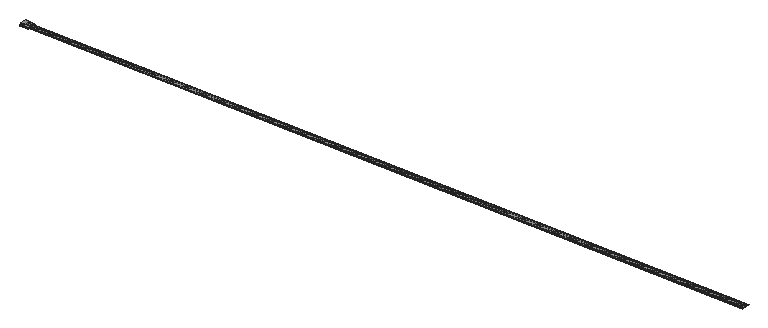
Revit family "Bandschelle - MBS 120", category Generic Models, Revit 2017
Family settings
  Can host rebar = No
  Round Connector Dimension = Use Diameter
  Part Type = Normal
  Work Plane-Based = No
  Always vertical = Yes
  Cut with Voids When Loaded = No
  Shared = No
  Room Calculation Point = No
Parameters (values of type "MBS 120")
  Width = 12 mm
  URL = "http://www.obo-bettermann.com"
  Material = Edelstahl, rostfrei 1.4301
  Manufacturer Art.No. = "7203112"
  Manufacturer = "OBO BETTERMANN"
  Length 1 = 1200 mm
  Length = 1200 mm
  GTIN = "4012195693406"
  Cut's space = 5 mm
  Cut's number 2 = Length 1 / Cut's space  # 240
  Cut's number = 2
  Article Type = "MBS 120"
Reference planes
  plane 1 "Center (Front/Back)": y = 0
  plane 2: z = 0
  plane 3 "Center (Left/Right)": x = 0
  plane 4: x = 1200
  plane 5: z = 0.28
  plane 6: z = 3
  plane 7: y = 2
  plane 8: y = 10
  plane 9: x = 13.5
  plane 10: y = 6.128
  plane 11: y = 6
  plane 12: y = 10
  plane 13: y = 1.779
  plane 14: y = 6
  plane 15: y = 10
  plane 16: y = 1.779
  plane 17: y = 6
  plane 18: y = 10
  plane 19: y = 1.779
  plane 20: y = 6
  plane 21: y = 10
  plane 22: y = 1.779
  plane 23: y = 6
  plane 24: y = 10
  plane 25: y = 1.779
  plane 26: y = 6
  plane 27: y = 10
  plane 28: y = 1.779
  plane 29: y = 6
  plane 30: y = 10
  plane 31: y = 1.779
  plane 32: y = 6
  plane 33: y = 10
  plane 34: y = 1.779
  plane 35: y = 6
  plane 36: y = 10
  plane 37: y = 1.779
  plane 38: y = 6
  plane 39: y = 10
  plane 40: y = 1.779
  plane 41: y = 6
  plane 42: y = 10
  plane 43: y = 1.779
  plane 44: y = 6
  plane 45: y = 10
  plane 46: y = 1.779
  plane 47: y = 6
  plane 48: y = 10
  plane 49: y = 1.779
  plane 50: y = 6
  plane 51: y = 10
  plane 52: y = 1.779
  plane 53: y = 6
  plane 54: y = 10
  plane 55: y = 1.779
  plane 56: y = 6
  plane 57: y = 10
  plane 58: y = 1.779
  plane 59: y = 6
  plane 60: y = 10
  plane 61: y = 1.779
  plane 62: y = 6
  plane 63: y = 10
  plane 64: y = 1.779
  plane 65: y = 6
  plane 66: y = 10
  plane 67: y = 1.779
  plane 68: y = 6
  plane 69: y = 10
  plane 70: y = 1.779
  plane 71: y = 6
  plane 72: y = 10
  plane 73: y = 1.779
  plane 74: y = 6
  plane 75: y = 10
  plane 76: y = 1.779
  plane 77: y = 6
  plane 78: y = 10
  plane 79: y = 1.779
  plane 80: y = 6
  plane 81: y = 10
  plane 82: y = 1.779
  plane 83: y = 6
  plane 84: y = 10
  plane 85: y = 1.779
  plane 86: y = 6
  plane 87: y = 10
  plane 88: y = 1.779
  plane 89: y = 6
  plane 90: y = 10
  plane 91: y = 1.779
  plane 92: y = 6
  plane 93: y = 10
  plane 94: y = 1.779
  plane 95: y = 6
  plane 96: y = 10
  plane 97: y = 1.779
  plane 98: y = 6
  plane 99: y = 10
  plane 100: y = 1.779
  plane 101: y = 6
  plane 102: y = 10
  plane 103: y = 1.779
  plane 104: y = 6
  plane 105: y = 10
  plane 106: y = 1.779
  plane 107: y = 6
  plane 108: y = 10
  plane 109: y = 1.779
  plane 110: y = 6
  plane 111: y = 10
  plane 112: y = 1.779
  plane 113: y = 6
  plane 114: y = 10
  plane 115: y = 1.779
  plane 116: y = 6
  plane 117: y = 10
  plane 118: y = 1.779
  plane 119: y = 6
  plane 120: y = 10
  plane 121: y = 1.779
  plane 122: y = 6
  plane 123: y = 10
  plane 124: y = 1.779
  plane 125: y = 6
  plane 126: y = 10
  plane 127: y = 1.779
  plane 128: y = 6
  plane 129: y = 10
  plane 130: y = 1.779
  plane 131: y = 6
  plane 132: y = 10
  plane 133: y = 1.779
  plane 134: y = 6
  plane 135: y = 10
  plane 136: y = 1.779
  plane 137: y = 6
  plane 138: y = 10
  plane 139: y = 1.779
  plane 140: y = 6
  plane 141: y = 10
  plane 142: y = 1.779
  plane 143: y = 6
  plane 144: y = 10
  plane 145: y = 1.779
  plane 146: y = 6
  plane 147: y = 10
  plane 148: y = 1.779
  plane 149: y = 6
  plane 150: y = 10
  plane 151: y = 1.779
  plane 152: y = 6
  plane 153: y = 10
  plane 154: y = 1.779
  plane 155: y = 6
  plane 156: y = 10
  plane 157: y = 1.779
  plane 158: y = 6
  plane 159: y = 10
  plane 160: y = 1.779
  plane 161: y = 6
  plane 162: y = 10
  plane 163: y = 1.779
  plane 164: y = 6
  plane 165: y = 10
  plane 166: y = 1.779
  plane 167: y = 6
  plane 168: y = 10
  plane 169: y = 1.779
  plane 170: y = 6
  plane 171: y = 10
  plane 172: y = 1.779
  plane 173: y = 6
  plane 174: y = 10
  plane 175: y = 1.779
  plane 176: y = 6
  plane 177: y = 10
  plane 178: y = 1.779
  plane 179: y = 6
  plane 180: y = 10
  plane 181: y = 1.779
  plane 182: y = 6
  plane 183: y = 10
  plane 184: y = 1.779
  plane 185: y = 6
  plane 186: y = 10
  plane 187: y = 1.779
  plane 188: y = 6
  plane 189: y = 10
  plane 190: y = 1.779
  plane 191: y = 6
  plane 192: y = 10
  plane 193: y = 1.779
  plane 194: y = 6
  plane 195: y = 10
  plane 196: y = 1.779
  plane 197: y = 6
  plane 198: y = 10
  plane 199: y = 1.779
  plane 200: y = 6
  plane 201: y = 10
  plane 202: y = 1.779
  plane 203: y = 6
  plane 204: y = 10
  plane 205: y = 1.779
  plane 206: y = 6
  plane 207: y = 10
  plane 208: y = 1.779
  plane 209: y = 6
  plane 210: y = 10
  plane 211: y = 1.779
  plane 212: y = 6
  plane 213: y = 10
  plane 214: y = 1.779
  plane 215: y = 6
  plane 216: y = 10
  plane 217: y = 1.779
  plane 218: y = 6
  plane 219: y = 10
  plane 220: y = 1.779
  plane 221: y = 6
  plane 222: y = 10
  plane 223: y = 1.779
  plane 224: y = 6
  plane 225: y = 10
  plane 226: y = 1.779
  plane 227: y = 6
  plane 228: y = 10
  plane 229: y = 1.779
  plane 230: y = 6
  plane 231: y = 10
  plane 232: y = 1.779
  plane 233: y = 6
  plane 234: y = 10
  plane 235: y = 1.779
  plane 236: y = 6
  plane 237: y = 10
  plane 238: y = 1.779
  plane 239: y = 6
  plane 240: y = 10
  plane 241: y = 1.779
  plane 242: y = 6
  plane 243: y = 10
  plane 244: y = 1.779
  plane 245: y = 6
  plane 246: y = 10
  plane 247: y = 1.779
  plane 248: y = 6
  plane 249: y = 10
  plane 250: y = 1.779
  plane 251: y = 6
  plane 252: y = 10
  plane 253: y = 1.779
  plane 254: y = 6
  plane 255: y = 10
  plane 256: y = 1.779
  plane 257: y = 6
  plane 258: y = 10
  plane 259: y = 1.779
  plane 260: y = 6
  plane 261: y = 10
  plane 262: y = 1.779
  plane 263: y = 6
  plane 264: y = 10
  plane 265: y = 1.779
  plane 266: y = 6
  plane 267: y = 10
  plane 268: y = 1.779
  plane 269: y = 6
  plane 270: y = 10
  plane 271: y = 1.779
  plane 272: y = 6
  plane 273: y = 10
  plane 274: y = 1.779
  plane 275: y = 6
  plane 276: y = 10
  plane 277: y = 1.779
  plane 278: y = 6
  plane 279: y = 10
  plane 280: y = 1.779
  plane 281: y = 6
  plane 282: y = 10
  plane 283: y = 1.779
  plane 284: y = 6
  plane 285: y = 10
  plane 286: y = 1.779
  plane 287: y = 6
  plane 288: y = 10
  plane 289: y = 1.779
  plane 290: y = 6
  plane 291: y = 10
  plane 292: y = 1.779
  plane 293: y = 6
  plane 294: y = 10
  plane 295: y = 1.779
  plane 296: y = 6
  plane 297: y = 10
  plane 298: y = 1.779
  plane 299: y = 6
  plane 300: y = 10
  plane 301: y = 1.779
  plane 302: y = 6
  plane 303: y = 10
  plane 304: y = 1.779
  plane 305: y = 6
  plane 306: y = 10
  plane 307: y = 1.779
  plane 308: y = 6
  plane 309: y = 10
  plane 310: y = 1.779
  plane 311: y = 6
  plane 312: y = 10
  plane 313: y = 1.779
  plane 314: y = 6
  plane 315: y = 10
  plane 316: y = 1.779
  plane 317: y = 6
  plane 318: y = 10
  plane 319: y = 1.779
  plane 320: y = 6
  plane 321: y = 10
  plane 322: y = 1.779
  plane 323: y = 6
  plane 324: y = 10
  plane 325: y = 1.779
  plane 326: y = 6
  plane 327: y = 10
  plane 328: y = 1.779
  plane 329: y = 6
  plane 330: y = 10
  plane 331: y = 1.779
  plane 332: y = 6
  plane 333: y = 10
  plane 334: y = 1.779
  plane 335: y = 6
  plane 336: y = 10
  plane 337: y = 1.779
  plane 338: y = 6
  plane 339: y = 10
  plane 340: y = 1.779
  plane 341: y = 6
  plane 342: y = 10
  plane 343: y = 1.779
  plane 344: y = 6
  plane 345: y = 10
  plane 346: y = 1.779
  plane 347: y = 6
  plane 348: y = 10
  plane 349: y = 1.779
  plane 350: y = 6
  plane 351: y = 10
  plane 352: y = 1.779
  plane 353: y = 6
  plane 354: y = 10
  plane 355: y = 1.779
  plane 356: y = 6
  plane 357: y = 10
  plane 358: y = 1.779
  plane 359: y = 6
  plane 360: y = 10
  plane 361: y = 1.779
  plane 362: y = 6
  plane 363: y = 10
  plane 364: y = 1.779
  plane 365: y = 6
  plane 366: y = 10
  plane 367: y = 1.779
  plane 368: y = 6
  plane 369: y = 10
  plane 370: y = 1.779
  plane 371: y = 6
  plane 372: y = 10
  plane 373: y = 1.779
  plane 374: y = 6
  plane 375: y = 10
  plane 376: y = 1.779
  plane 377: y = 6
  plane 378: y = 10
  plane 379: y = 1.779
  plane 380: y = 6
  plane 381: y = 10
  plane 382: y = 1.779
  plane 383: y = 6
  plane 384: y = 10
  plane 385: y = 1.779
  plane 386: y = 6
  plane 387: y = 10
  plane 388: y = 1.779
  plane 389: y = 6
  plane 390: y = 10
  plane 391: y = 1.779
  plane 392: y = 6
  plane 393: y = 10
  plane 394: y = 1.779
  plane 395: y = 6
  plane 396: y = 10
  plane 397: y = 1.779
  plane 398: y = 6
  plane 399: y = 10
  plane 400: y = 1.779
  plane 401: y = 6
  plane 402: y = 10
  plane 403: y = 1.779
  plane 404: y = 6
  plane 405: y = 10
  plane 406: y = 1.779
  plane 407: y = 6
  plane 408: y = 10
  plane 409: y = 1.779
  plane 410: y = 6
  plane 411: y = 10
  plane 412: y = 1.779
  plane 413: y = 6
  plane 414: y = 10
  plane 415: y = 1.779
  plane 416: y = 6
  plane 417: y = 10
  plane 418: y = 1.779
  plane 419: y = 6
  plane 420: y = 10
  plane 421: y = 1.779
  plane 422: y = 6
  plane 423: y = 10
  plane 424: y = 1.779
  plane 425: y = 6
  plane 426: y = 10
  plane 427: y = 1.779
  plane 428: y = 6
  plane 429: y = 10
  plane 430: y = 1.779
  plane 431: y = 6
  plane 432: y = 10
  plane 433: y = 1.779
  plane 434: y = 6
  plane 435: y = 10
  plane 436: y = 1.779
  plane 437: y = 6
  plane 438: y = 10
  plane 439: y = 1.779
  plane 440: y = 6
  plane 441: y = 10
  plane 442: y = 1.779
  plane 443: y = 6
  plane 444: y = 10
  plane 445: y = 1.779
  plane 446: y = 6
  plane 447: y = 10
  plane 448: y = 1.779
  plane 449: y = 6
  plane 450: y = 10
  plane 451: y = 1.779
  plane 452: y = 6
  plane 453: y = 10
  plane 454: y = 1.779
  plane 455: y = 6
  plane 456: y = 10
  plane 457: y = 1.779
  plane 458: y = 6
  plane 459: y = 10
  plane 460: y = 1.779
  plane 461: y = 6
  plane 462: y = 10
  plane 463: y = 1.779
  plane 464: y = 6
  plane 465: y = 10
  plane 466: y = 1.779
  plane 467: y = 6
  plane 468: y = 10
  plane 469: y = 1.779
  plane 470: y = 6
  plane 471: y = 10
  plane 472: y = 1.779
  plane 473: y = 6
  plane 474: y = 10
  plane 475: y = 1.779
  plane 476: y = 6
  plane 477: y = 10
  plane 478: y = 1.779
  plane 479: y = 6
  plane 480: y = 10
  plane 481: y = 1.779
  plane 482: y = 6
  plane 483: y = 10
  plane 484: y = 1.779
  plane 485: y = 6
  plane 486: y = 10
  plane 487: y = 1.779
  plane 488: y = 6
  plane 489: y = 10
  plane 490: y = 1.779
  plane 491: y = 6
  plane 492: y = 10
  plane 493: y = 1.779
  plane 494: y = 6
  plane 495: y = 10
  plane 496: y = 1.779
  plane 497: y = 6
  plane 498: y = 10
  plane 499: y = 1.779
  plane 500: y = 6
  plane 501: y = 10
  plane 502: y = 1.779
  plane 503: y = 6
  plane 504: y = 10
  plane 505: y = 1.779
  plane 506: y = 6
  plane 507: y = 10
  plane 508: y = 1.779
  plane 509: y = 6
  plane 510: y = 10
  plane 511: y = 1.779
  plane 512: y = 6
  plane 513: y = 10
  plane 514: y = 1.779
  plane 515: y = 6
  plane 516: y = 10
  plane 517: y = 1.779
  plane 518: y = 6
  plane 519: y = 10
  plane 520: y = 1.779
  plane 521: y = 6
  plane 522: y = 10
  plane 523: y = 1.779
  plane 524: y = 6
  plane 525: y = 10
  plane 526: y = 1.779
  plane 527: y = 6
  plane 528: y = 10
  plane 529: y = 1.779
  plane 530: y = 6
  plane 531: y = 10
  plane 532: y = 1.779
  plane 533: y = 6
  plane 534: y = 10
  plane 535: y = 1.779
  plane 536: y = 6
  plane 537: y = 10
  plane 538: y = 1.779
  plane 539: y = 6
  plane 540: y = 10
  plane 541: y = 1.779
  plane 542: y = 6
  plane 543: y = 10
  plane 544: y = 1.779
  plane 545: y = 6
  plane 546: y = 10
  plane 547: y = 1.779
  plane 548: y = 6
  plane 549: y = 10
  plane 550: y = 1.779
  plane 551: y = 6
  plane 552: y = 10
  plane 553: y = 1.779
  plane 554: y = 6
  plane 555: y = 10
  plane 556: y = 1.779
  plane 557: y = 6
  plane 558: y = 10
  plane 559: y = 1.779
  plane 560: y = 6
  plane 561: y = 10
  plane 562: y = 1.779
  plane 563: y = 6
  plane 564: y = 10
  plane 565: y = 1.779
  plane 566: y = 6
  plane 567: y = 10
  plane 568: y = 1.779
  plane 569: y = 6
  plane 570: y = 10
  plane 571: y = 1.779
  plane 572: y = 6
  plane 573: y = 10
  plane 574: y = 1.779
  plane 575: y = 6
  plane 576: y = 10
  plane 577: y = 1.779
  plane 578: y = 6
  plane 579: y = 10
  plane 580: y = 1.779
  plane 581: y = 6
  plane 582: y = 10
  plane 583: y = 1.779
  plane 584: y = 6
  plane 585: y = 10
  plane 586: y = 1.779
  plane 587: y = 6
  plane 588: y = 10
  plane 589: y = 1.779
  plane 590: y = 6
  plane 591: y = 10
  plane 592: y = 1.779
  plane 593: y = 6
  plane 594: y = 10
  plane 595: y = 1.779
  plane 596: y = 6
  plane 597: y = 10
  plane 598: y = 1.779
  plane 599: y = 6
  plane 600: y = 10
  plane 601: y = 1.779
  plane 602: y = 6
  plane 603: y = 10
  plane 604: y = 1.779
  plane 605: y = 6
  plane 606: y = 10
  plane 607: y = 1.779
  plane 608: y = 6
  plane 609: y = 10
  plane 610: y = 1.779
  plane 611: y = 6
  plane 612: y = 10
  plane 613: y = 1.779
  plane 614: y = 6
  plane 615: y = 10
  plane 616: y = 1.779
  plane 617: y = 6
  plane 618: y = 10
  plane 619: y = 1.779
  plane 620: y = 6
  plane 621: y = 10
  plane 622: y = 1.779
  plane 623: y = 6
  plane 624: y = 10
  plane 625: y = 1.779
  plane 626: y = 6
  plane 627: y = 10
  plane 628: y = 1.779
  plane 629: y = 6
  plane 630: y = 10
  plane 631: y = 1.779
  plane 632: y = 6
  plane 633: y = 10
  plane 634: y = 1.779
  plane 635: y = 6
  plane 636: y = 10
  plane 637: y = 1.779
  plane 638: y = 6
  plane 639: y = 10
  plane 640: y = 1.779
  plane 641: y = 6
  plane 642: y = 10
  plane 643: y = 1.779
  plane 644: y = 6
  plane 645: y = 10
  plane 646: y = 1.779
  plane 647: y = 6
  plane 648: y = 10
  plane 649: y = 1.779
  plane 650: y = 6
  plane 651: y = 10
  plane 652: y = 1.779
  plane 653: y = 6
  plane 654: y = 10
  plane 655: y = 1.779
  plane 656: y = 6
  plane 657: y = 10
  plane 658: y = 1.779
  plane 659: y = 6
  plane 660: y = 10
  plane 661: y = 1.779
  plane 662: y = 6
  plane 663: y = 10
  plane 664: y = 1.779
  plane 665: y = 6
  plane 666: y = 10
  plane 667: y = 1.779
  plane 668: y = 6
  plane 669: y = 10
  plane 670: y = 1.779
  plane 671: y = 6
  plane 672: y = 10
  plane 673: y = 1.779
  plane 674: y = 6
  plane 675: y = 10
  plane 676: y = 1.779
  plane 677: y = 6
  plane 678: y = 10
  plane 679: y = 1.779
  plane 680: y = 6
  plane 681: y = 10
  plane 682: y = 1.779
  plane 683: y = 6
  plane 684: y = 10
  plane 685: y = 1.779
  plane 686: y = 6
  plane 687: y = 10
  plane 688: y = 1.779
  plane 689: y = 6
  plane 690: y = 10
  plane 691: y = 1.779
  plane 692: y = 6
  plane 693: y = 10
  plane 694: y = 1.779
  plane 695: y = 6
  plane 696: y = 10
  plane 697: y = 1.779
  plane 698: y = 6
  plane 699: y = 10
  plane 700: y = 1.779
  plane 701: y = 6
  plane 702: y = 10
  plane 703: y = 1.779
  plane 704: y = 6
  plane 705: y = 10
  plane 706: y = 1.779
  plane 707: y = 6
  plane 708: y = 10
  plane 709: y = 1.779
  plane 710: y = 6
  plane 711: y = 10
  plane 712: y = 1.779
  plane 713: y = 6
  plane 714: y = 10
  plane 715: y = 1.779
  plane 716: y = 6
  plane 717: y = 10
  plane 718: y = 1.779
  plane 719: y = 6
  plane 720: y = 10
  plane 721: y = 1.779
  plane 722: y = 6
  plane 723: y = 10
  plane 724: y = 1.779
  plane 725: y = 6
  plane 726: y = 10
  plane 727: y = 1.779
  plane 728: y = 6
  plane 729: y = 10
  plane 730: y = 1.779
Forms (mm)
  Extrusion 1, solid, material "Edelstahl, rostfrei 1.4301" <- "Material"
    sketch origin (0, 0, 0) x (1, 0, 0) y (0, 1, 0)
      loop
        line (0, 0) -> (1200, 0) -> (1200, 12) -> (0, 12) -> (0, 0)
    from 0 to 0.28
  Extrusion 2, solid, material "Edelstahl, rostfrei 1.4301" <- "Material"
    sketch origin (0, 0, 0) x (0, 1, 0) y (0, 0, 1)
      loop
        line (0, 0.28) -> (12, 0.28) -> (10, 2.7) -> (1.779, 2.7) -> (0, 0.28)
      loop
        line (1.628, 3) -> (-0.372, 0.28) -> (-0.372, -0.553) -> (12.356, -0.553) -> (12.356, 0.32) -> (10.141, 3) -> (1.628, 3)
    from 0 to 13.5
  Extrusion 3, void
    sketch origin (0, 0, 0) x (1, 0, 0) y (0, 1, 0)
      loop
        line (7.678, 7.878) -> (7.678, 4.378) -> (11.071, 4.378) -> (11.071, 7.878) -> (7.678, 7.878)
    from 2.7 to 3
  Extrusion 4, void
    sketch origin (0, 0, 0) x (1, 0, 0) y (0, 1, 0)
      loop
        arc (15.447, 3.123) -> (16.756, 1.814) -> (18.065, 3.123) r 1.309
        line (18.065, 3.123) -> (18.065, 8.688)
        arc (18.065, 8.688) -> (16.756, 9.997) -> (15.447, 8.688) r 1.309
        line (15.447, 8.688) -> (15.447, 3.123)
    from 0 to 0.28
  Extrusion 5, void
    sketch origin (5, 0, 0) x (1, 0, 0) y (0, 1, 0)
      loop
        arc (15.447, 3.123) -> (16.756, 1.814) -> (18.065, 3.123) r 1.309
        line (18.065, 3.123) -> (18.065, 8.688)
        arc (18.065, 8.688) -> (16.756, 9.997) -> (15.447, 8.688) r 1.309
        line (15.447, 8.688) -> (15.447, 3.123)
    from 0 to 0.28
  Extrusion 6, void
    sketch origin (-5, 0, 0) x (1, 0, 0) y (0, 1, 0)
      loop
        arc (15.447, 3.123) -> (16.756, 1.814) -> (18.065, 3.123) r 1.309
        line (18.065, 3.123) -> (18.065, 8.688)
        arc (18.065, 8.688) -> (16.756, 9.997) -> (15.447, 8.688) r 1.309
        line (15.447, 8.688) -> (15.447, 3.123)
    from 0 to 0.28
  Extrusion 7, void
    sketch origin (-10, 0, 0) x (1, 0, 0) y (0, 1, 0)
      loop
        arc (15.447, 3.123) -> (16.756, 1.814) -> (18.065, 3.123) r 1.309
        line (18.065, 3.123) -> (18.065, 8.688)
        arc (18.065, 8.688) -> (16.756, 9.997) -> (15.447, 8.688) r 1.309
        line (15.447, 8.688) -> (15.447, 3.123)
    from 0 to 0.28
  Extrusion 8, void
    sketch origin (-15, 0, 0) x (1, 0, 0) y (0, 1, 0)
      loop
        arc (15.447, 3.123) -> (16.756, 1.814) -> (18.065, 3.123) r 1.309
        line (18.065, 3.123) -> (18.065, 8.688)
        arc (18.065, 8.688) -> (16.756, 9.997) -> (15.447, 8.688) r 1.309
        line (15.447, 8.688) -> (15.447, 3.123)
    from 0 to 0.28
  Extrusion 9, void
    sketch origin (10, 0, 0) x (1, 0, 0) y (0, 1, 0)
      loop
        arc (15.447, 3.123) -> (16.756, 1.814) -> (18.065, 3.123) r 1.309
        line (18.065, 3.123) -> (18.065, 8.688)
        arc (18.065, 8.688) -> (16.756, 9.997) -> (15.447, 8.688) r 1.309
        line (15.447, 8.688) -> (15.447, 3.123)
    from 0 to 0.28
  Extrusion 10, void
    sketch origin (15, 0, 0) x (1, 0, 0) y (0, 1, 0)
      loop
        arc (15.447, 3.123) -> (16.756, 1.814) -> (18.065, 3.123) r 1.309
        line (18.065, 3.123) -> (18.065, 8.688)
        arc (18.065, 8.688) -> (16.756, 9.997) -> (15.447, 8.688) r 1.309
        line (15.447, 8.688) -> (15.447, 3.123)
    from 0 to 0.28
  Extrusion 11, void
    sketch origin (20, 0, 0) x (1, 0, 0) y (0, 1, 0)
      loop
        arc (15.447, 3.123) -> (16.756, 1.814) -> (18.065, 3.123) r 1.309
        line (18.065, 3.123) -> (18.065, 8.688)
        arc (18.065, 8.688) -> (16.756, 9.997) -> (15.447, 8.688) r 1.309
        line (15.447, 8.688) -> (15.447, 3.123)
    from 0 to 0.28
  Extrusion 12, void
    sketch origin (25, 0, 0) x (1, 0, 0) y (0, 1, 0)
      loop
        arc (15.447, 3.123) -> (16.756, 1.814) -> (18.065, 3.123) r 1.309
        line (18.065, 3.123) -> (18.065, 8.688)
        arc (18.065, 8.688) -> (16.756, 9.997) -> (15.447, 8.688) r 1.309
        line (15.447, 8.688) -> (15.447, 3.123)
    from 0 to 0.28
  Extrusion 13, void
    sketch origin (30, 0, 0) x (1, 0, 0) y (0, 1, 0)
      loop
        arc (15.447, 3.123) -> (16.756, 1.814) -> (18.065, 3.123) r 1.309
        line (18.065, 3.123) -> (18.065, 8.688)
        arc (18.065, 8.688) -> (16.756, 9.997) -> (15.447, 8.688) r 1.309
        line (15.447, 8.688) -> (15.447, 3.123)
    from 0 to 0.28
  Extrusion 14, void
    sketch origin (35, 0, 0) x (1, 0, 0) y (0, 1, 0)
      loop
        arc (15.447, 3.123) -> (16.756, 1.814) -> (18.065, 3.123) r 1.309
        line (18.065, 3.123) -> (18.065, 8.688)
        arc (18.065, 8.688) -> (16.756, 9.997) -> (15.447, 8.688) r 1.309
        line (15.447, 8.688) -> (15.447, 3.123)
    from 0 to 0.28
  Extrusion 15, void
    sketch origin (40, 0, 0) x (1, 0, 0) y (0, 1, 0)
      loop
        arc (15.447, 3.123) -> (16.756, 1.814) -> (18.065, 3.123) r 1.309
        line (18.065, 3.123) -> (18.065, 8.688)
        arc (18.065, 8.688) -> (16.756, 9.997) -> (15.447, 8.688) r 1.309
        line (15.447, 8.688) -> (15.447, 3.123)
    from 0 to 0.28
  Extrusion 16, void
    sketch origin (45, 0, 0) x (1, 0, 0) y (0, 1, 0)
      loop
        arc (15.447, 3.123) -> (16.756, 1.814) -> (18.065, 3.123) r 1.309
        line (18.065, 3.123) -> (18.065, 8.688)
        arc (18.065, 8.688) -> (16.756, 9.997) -> (15.447, 8.688) r 1.309
        line (15.447, 8.688) -> (15.447, 3.123)
    from 0 to 0.28
  Extrusion 17, void
    sketch origin (50, 0, 0) x (1, 0, 0) y (0, 1, 0)
      loop
        arc (15.447, 3.123) -> (16.756, 1.814) -> (18.065, 3.123) r 1.309
        line (18.065, 3.123) -> (18.065, 8.688)
        arc (18.065, 8.688) -> (16.756, 9.997) -> (15.447, 8.688) r 1.309
        line (15.447, 8.688) -> (15.447, 3.123)
    from 0 to 0.28
  Extrusion 18, void
    sketch origin (55, 0, 0) x (1, 0, 0) y (0, 1, 0)
      loop
        arc (15.447, 3.123) -> (16.756, 1.814) -> (18.065, 3.123) r 1.309
        line (18.065, 3.123) -> (18.065, 8.688)
        arc (18.065, 8.688) -> (16.756, 9.997) -> (15.447, 8.688) r 1.309
        line (15.447, 8.688) -> (15.447, 3.123)
    from 0 to 0.28
  Extrusion 19, void
    sketch origin (60, 0, 0) x (1, 0, 0) y (0, 1, 0)
      loop
        arc (15.447, 3.123) -> (16.756, 1.814) -> (18.065, 3.123) r 1.309
        line (18.065, 3.123) -> (18.065, 8.688)
        arc (18.065, 8.688) -> (16.756, 9.997) -> (15.447, 8.688) r 1.309
        line (15.447, 8.688) -> (15.447, 3.123)
    from 0 to 0.28
  Extrusion 20, void
    sketch origin (65, 0, 0) x (1, 0, 0) y (0, 1, 0)
      loop
        arc (15.447, 3.123) -> (16.756, 1.814) -> (18.065, 3.123) r 1.309
        line (18.065, 3.123) -> (18.065, 8.688)
        arc (18.065, 8.688) -> (16.756, 9.997) -> (15.447, 8.688) r 1.309
        line (15.447, 8.688) -> (15.447, 3.123)
    from 0 to 0.28
  Extrusion 21, void
    sketch origin (70, 0, 0) x (1, 0, 0) y (0, 1, 0)
      loop
        arc (15.447, 3.123) -> (16.756, 1.814) -> (18.065, 3.123) r 1.309
        line (18.065, 3.123) -> (18.065, 8.688)
        arc (18.065, 8.688) -> (16.756, 9.997) -> (15.447, 8.688) r 1.309
        line (15.447, 8.688) -> (15.447, 3.123)
    from 0 to 0.28
  Extrusion 22, void
    sketch origin (75, 0, 0) x (1, 0, 0) y (0, 1, 0)
      loop
        arc (15.447, 3.123) -> (16.756, 1.814) -> (18.065, 3.123) r 1.309
        line (18.065, 3.123) -> (18.065, 8.688)
        arc (18.065, 8.688) -> (16.756, 9.997) -> (15.447, 8.688) r 1.309
        line (15.447, 8.688) -> (15.447, 3.123)
    from 0 to 0.28
  Extrusion 23, void
    sketch origin (80, 0, 0) x (1, 0, 0) y (0, 1, 0)
      loop
        arc (15.447, 3.123) -> (16.756, 1.814) -> (18.065, 3.123) r 1.309
        line (18.065, 3.123) -> (18.065, 8.688)
        arc (18.065, 8.688) -> (16.756, 9.997) -> (15.447, 8.688) r 1.309
        line (15.447, 8.688) -> (15.447, 3.123)
    from 0 to 0.28
  Extrusion 24, void
    sketch origin (85, 0, 0) x (1, 0, 0) y (0, 1, 0)
      loop
        arc (15.447, 3.123) -> (16.756, 1.814) -> (18.065, 3.123) r 1.309
        line (18.065, 3.123) -> (18.065, 8.688)
        arc (18.065, 8.688) -> (16.756, 9.997) -> (15.447, 8.688) r 1.309
        line (15.447, 8.688) -> (15.447, 3.123)
    from 0 to 0.28
  Extrusion 25, void
    sketch origin (90, 0, 0) x (1, 0, 0) y (0, 1, 0)
      loop
        arc (15.447, 3.123) -> (16.756, 1.814) -> (18.065, 3.123) r 1.309
        line (18.065, 3.123) -> (18.065, 8.688)
        arc (18.065, 8.688) -> (16.756, 9.997) -> (15.447, 8.688) r 1.309
        line (15.447, 8.688) -> (15.447, 3.123)
    from 0 to 0.28
  Extrusion 26, void
    sketch origin (95, 0, 0) x (1, 0, 0) y (0, 1, 0)
      loop
        arc (15.447, 3.123) -> (16.756, 1.814) -> (18.065, 3.123) r 1.309
        line (18.065, 3.123) -> (18.065, 8.688)
        arc (18.065, 8.688) -> (16.756, 9.997) -> (15.447, 8.688) r 1.309
        line (15.447, 8.688) -> (15.447, 3.123)
    from 0 to 0.28
  Extrusion 27, void
    sketch origin (100, 0, 0) x (1, 0, 0) y (0, 1, 0)
      loop
        arc (15.447, 3.123) -> (16.756, 1.814) -> (18.065, 3.123) r 1.309
        line (18.065, 3.123) -> (18.065, 8.688)
        arc (18.065, 8.688) -> (16.756, 9.997) -> (15.447, 8.688) r 1.309
        line (15.447, 8.688) -> (15.447, 3.123)
    from 0 to 0.28
  Extrusion 28, void
    sketch origin (105, 0, 0) x (1, 0, 0) y (0, 1, 0)
      loop
        arc (15.447, 3.123) -> (16.756, 1.814) -> (18.065, 3.123) r 1.309
        line (18.065, 3.123) -> (18.065, 8.688)
        arc (18.065, 8.688) -> (16.756, 9.997) -> (15.447, 8.688) r 1.309
        line (15.447, 8.688) -> (15.447, 3.123)
    from 0 to 0.28
  Extrusion 29, void
    sketch origin (110, 0, 0) x (1, 0, 0) y (0, 1, 0)
      loop
        arc (15.447, 3.123) -> (16.756, 1.814) -> (18.065, 3.123) r 1.309
        line (18.065, 3.123) -> (18.065, 8.688)
        arc (18.065, 8.688) -> (16.756, 9.997) -> (15.447, 8.688) r 1.309
        line (15.447, 8.688) -> (15.447, 3.123)
    from 0 to 0.28
  Extrusion 30, void
    sketch origin (115, 0, 0) x (1, 0, 0) y (0, 1, 0)
      loop
        arc (15.447, 3.123) -> (16.756, 1.814) -> (18.065, 3.123) r 1.309
        line (18.065, 3.123) -> (18.065, 8.688)
        arc (18.065, 8.688) -> (16.756, 9.997) -> (15.447, 8.688) r 1.309
        line (15.447, 8.688) -> (15.447, 3.123)
    from 0 to 0.28
  Extrusion 31, void
    sketch origin (120, 0, 0) x (1, 0, 0) y (0, 1, 0)
      loop
        arc (15.447, 3.123) -> (16.756, 1.814) -> (18.065, 3.123) r 1.309
        line (18.065, 3.123) -> (18.065, 8.688)
        arc (18.065, 8.688) -> (16.756, 9.997) -> (15.447, 8.688) r 1.309
        line (15.447, 8.688) -> (15.447, 3.123)
    from 0 to 0.28
  Extrusion 32, void
    sketch origin (125, 0, 0) x (1, 0, 0) y (0, 1, 0)
      loop
        arc (15.447, 3.123) -> (16.756, 1.814) -> (18.065, 3.123) r 1.309
        line (18.065, 3.123) -> (18.065, 8.688)
        arc (18.065, 8.688) -> (16.756, 9.997) -> (15.447, 8.688) r 1.309
        line (15.447, 8.688) -> (15.447, 3.123)
    from 0 to 0.28
  Extrusion 33, void
    sketch origin (130, 0, 0) x (1, 0, 0) y (0, 1, 0)
      loop
        arc (15.447, 3.123) -> (16.756, 1.814) -> (18.065, 3.123) r 1.309
        line (18.065, 3.123) -> (18.065, 8.688)
        arc (18.065, 8.688) -> (16.756, 9.997) -> (15.447, 8.688) r 1.309
        line (15.447, 8.688) -> (15.447, 3.123)
    from 0 to 0.28
  Extrusion 34, void
    sketch origin (135, 0, 0) x (1, 0, 0) y (0, 1, 0)
      loop
        arc (15.447, 3.123) -> (16.756, 1.814) -> (18.065, 3.123) r 1.309
        line (18.065, 3.123) -> (18.065, 8.688)
        arc (18.065, 8.688) -> (16.756, 9.997) -> (15.447, 8.688) r 1.309
        line (15.447, 8.688) -> (15.447, 3.123)
    from 0 to 0.28
  Extrusion 35, void
    sketch origin (140, 0, 0) x (1, 0, 0) y (0, 1, 0)
      loop
        arc (15.447, 3.123) -> (16.756, 1.814) -> (18.065, 3.123) r 1.309
        line (18.065, 3.123) -> (18.065, 8.688)
        arc (18.065, 8.688) -> (16.756, 9.997) -> (15.447, 8.688) r 1.309
        line (15.447, 8.688) -> (15.447, 3.123)
    from 0 to 0.28
  Extrusion 36, void
    sketch origin (145, 0, 0) x (1, 0, 0) y (0, 1, 0)
      loop
        arc (15.447, 3.123) -> (16.756, 1.814) -> (18.065, 3.123) r 1.309
        line (18.065, 3.123) -> (18.065, 8.688)
        arc (18.065, 8.688) -> (16.756, 9.997) -> (15.447, 8.688) r 1.309
        line (15.447, 8.688) -> (15.447, 3.123)
    from 0 to 0.28
  Extrusion 37, void
    sketch origin (150, 0, 0) x (1, 0, 0) y (0, 1, 0)
      loop
        arc (15.447, 3.123) -> (16.756, 1.814) -> (18.065, 3.123) r 1.309
        line (18.065, 3.123) -> (18.065, 8.688)
        arc (18.065, 8.688) -> (16.756, 9.997) -> (15.447, 8.688) r 1.309
        line (15.447, 8.688) -> (15.447, 3.123)
    from 0 to 0.28
  Extrusion 38, void
    sketch origin (155, 0, 0) x (1, 0, 0) y (0, 1, 0)
      loop
        arc (15.447, 3.123) -> (16.756, 1.814) -> (18.065, 3.123) r 1.309
        line (18.065, 3.123) -> (18.065, 8.688)
        arc (18.065, 8.688) -> (16.756, 9.997) -> (15.447, 8.688) r 1.309
        line (15.447, 8.688) -> (15.447, 3.123)
    from 0 to 0.28
  Extrusion 39, void
    sketch origin (160, 0, 0) x (1, 0, 0) y (0, 1, 0)
      loop
        arc (15.447, 3.123) -> (16.756, 1.814) -> (18.065, 3.123) r 1.309
        line (18.065, 3.123) -> (18.065, 8.688)
        arc (18.065, 8.688) -> (16.756, 9.997) -> (15.447, 8.688) r 1.309
        line (15.447, 8.688) -> (15.447, 3.123)
    from 0 to 0.28
  Extrusion 40, void
    sketch origin (165, 0, 0) x (1, 0, 0) y (0, 1, 0)
      loop
        arc (15.447, 3.123) -> (16.756, 1.814) -> (18.065, 3.123) r 1.309
        line (18.065, 3.123) -> (18.065, 8.688)
        arc (18.065, 8.688) -> (16.756, 9.997) -> (15.447, 8.688) r 1.309
        line (15.447, 8.688) -> (15.447, 3.123)
    from 0 to 0.28
  Extrusion 41, void
    sketch origin (170, 0, 0) x (1, 0, 0) y (0, 1, 0)
      loop
        arc (15.447, 3.123) -> (16.756, 1.814) -> (18.065, 3.123) r 1.309
        line (18.065, 3.123) -> (18.065, 8.688)
        arc (18.065, 8.688) -> (16.756, 9.997) -> (15.447, 8.688) r 1.309
        line (15.447, 8.688) -> (15.447, 3.123)
    from 0 to 0.28
  Extrusion 42, void
    sketch origin (175, 0, 0) x (1, 0, 0) y (0, 1, 0)
      loop
        arc (15.447, 3.123) -> (16.756, 1.814) -> (18.065, 3.123) r 1.309
        line (18.065, 3.123) -> (18.065, 8.688)
        arc (18.065, 8.688) -> (16.756, 9.997) -> (15.447, 8.688) r 1.309
        line (15.447, 8.688) -> (15.447, 3.123)
    from 0 to 0.28
  Extrusion 43, void
    sketch origin (180, 0, 0) x (1, 0, 0) y (0, 1, 0)
      loop
        arc (15.447, 3.123) -> (16.756, 1.814) -> (18.065, 3.123) r 1.309
        line (18.065, 3.123) -> (18.065, 8.688)
        arc (18.065, 8.688) -> (16.756, 9.997) -> (15.447, 8.688) r 1.309
        line (15.447, 8.688) -> (15.447, 3.123)
    from 0 to 0.28
  Extrusion 44, void
    sketch origin (185, 0, 0) x (1, 0, 0) y (0, 1, 0)
      loop
        arc (15.447, 3.123) -> (16.756, 1.814) -> (18.065, 3.123) r 1.309
        line (18.065, 3.123) -> (18.065, 8.688)
        arc (18.065, 8.688) -> (16.756, 9.997) -> (15.447, 8.688) r 1.309
        line (15.447, 8.688) -> (15.447, 3.123)
    from 0 to 0.28
  Extrusion 45, void
    sketch origin (190, 0, 0) x (1, 0, 0) y (0, 1, 0)
      loop
        arc (15.447, 3.123) -> (16.756, 1.814) -> (18.065, 3.123) r 1.309
        line (18.065, 3.123) -> (18.065, 8.688)
        arc (18.065, 8.688) -> (16.756, 9.997) -> (15.447, 8.688) r 1.309
        line (15.447, 8.688) -> (15.447, 3.123)
    from 0 to 0.28
  Extrusion 46, void
    sketch origin (195, 0, 0) x (1, 0, 0) y (0, 1, 0)
      loop
        arc (15.447, 3.123) -> (16.756, 1.814) -> (18.065, 3.123) r 1.309
        line (18.065, 3.123) -> (18.065, 8.688)
        arc (18.065, 8.688) -> (16.756, 9.997) -> (15.447, 8.688) r 1.309
        line (15.447, 8.688) -> (15.447, 3.123)
    from 0 to 0.28
  Extrusion 47, void
    sketch origin (200, 0, 0) x (1, 0, 0) y (0, 1, 0)
      loop
        arc (15.447, 3.123) -> (16.756, 1.814) -> (18.065, 3.123) r 1.309
        line (18.065, 3.123) -> (18.065, 8.688)
        arc (18.065, 8.688) -> (16.756, 9.997) -> (15.447, 8.688) r 1.309
        line (15.447, 8.688) -> (15.447, 3.123)
    from 0 to 0.28
  Extrusion 48, void
    sketch origin (205, 0, 0) x (1, 0, 0) y (0, 1, 0)
      loop
        arc (15.447, 3.123) -> (16.756, 1.814) -> (18.065, 3.123) r 1.309
        line (18.065, 3.123) -> (18.065, 8.688)
        arc (18.065, 8.688) -> (16.756, 9.997) -> (15.447, 8.688) r 1.309
        line (15.447, 8.688) -> (15.447, 3.123)
    from 0 to 0.28
  Extrusion 49, void
    sketch origin (210, 0, 0) x (1, 0, 0) y (0, 1, 0)
      loop
        arc (15.447, 3.123) -> (16.756, 1.814) -> (18.065, 3.123) r 1.309
        line (18.065, 3.123) -> (18.065, 8.688)
        arc (18.065, 8.688) -> (16.756, 9.997) -> (15.447, 8.688) r 1.309
        line (15.447, 8.688) -> (15.447, 3.123)
    from 0 to 0.28
  Extrusion 50, void
    sketch origin (215, 0, 0) x (1, 0, 0) y (0, 1, 0)
      loop
        arc (15.447, 3.123) -> (16.756, 1.814) -> (18.065, 3.123) r 1.309
        line (18.065, 3.123) -> (18.065, 8.688)
        arc (18.065, 8.688) -> (16.756, 9.997) -> (15.447, 8.688) r 1.309
        line (15.447, 8.688) -> (15.447, 3.123)
    from 0 to 0.28
  Extrusion 51, void
    sketch origin (220, 0, 0) x (1, 0, 0) y (0, 1, 0)
      loop
        arc (15.447, 3.123) -> (16.756, 1.814) -> (18.065, 3.123) r 1.309
        line (18.065, 3.123) -> (18.065, 8.688)
        arc (18.065, 8.688) -> (16.756, 9.997) -> (15.447, 8.688) r 1.309
        line (15.447, 8.688) -> (15.447, 3.123)
    from 0 to 0.28
  Extrusion 52, void
    sketch origin (225, 0, 0) x (1, 0, 0) y (0, 1, 0)
      loop
        arc (15.447, 3.123) -> (16.756, 1.814) -> (18.065, 3.123) r 1.309
        line (18.065, 3.123) -> (18.065, 8.688)
        arc (18.065, 8.688) -> (16.756, 9.997) -> (15.447, 8.688) r 1.309
        line (15.447, 8.688) -> (15.447, 3.123)
    from 0 to 0.28
  Extrusion 53, void
    sketch origin (230, 0, 0) x (1, 0, 0) y (0, 1, 0)
      loop
        arc (15.447, 3.123) -> (16.756, 1.814) -> (18.065, 3.123) r 1.309
        line (18.065, 3.123) -> (18.065, 8.688)
        arc (18.065, 8.688) -> (16.756, 9.997) -> (15.447, 8.688) r 1.309
        line (15.447, 8.688) -> (15.447, 3.123)
    from 0 to 0.28
  Extrusion 54, void
    sketch origin (235, 0, 0) x (1, 0, 0) y (0, 1, 0)
      loop
        arc (15.447, 3.123) -> (16.756, 1.814) -> (18.065, 3.123) r 1.309
        line (18.065, 3.123) -> (18.065, 8.688)
        arc (18.065, 8.688) -> (16.756, 9.997) -> (15.447, 8.688) r 1.309
        line (15.447, 8.688) -> (15.447, 3.123)
    from 0 to 0.28
  Extrusion 55, void
    sketch origin (240, 0, 0) x (1, 0, 0) y (0, 1, 0)
      loop
        arc (15.447, 3.123) -> (16.756, 1.814) -> (18.065, 3.123) r 1.309
        line (18.065, 3.123) -> (18.065, 8.688)
        arc (18.065, 8.688) -> (16.756, 9.997) -> (15.447, 8.688) r 1.309
        line (15.447, 8.688) -> (15.447, 3.123)
    from 0 to 0.28
  Extrusion 56, void
    sketch origin (245, 0, 0) x (1, 0, 0) y (0, 1, 0)
      loop
        arc (15.447, 3.123) -> (16.756, 1.814) -> (18.065, 3.123) r 1.309
        line (18.065, 3.123) -> (18.065, 8.688)
        arc (18.065, 8.688) -> (16.756, 9.997) -> (15.447, 8.688) r 1.309
        line (15.447, 8.688) -> (15.447, 3.123)
    from 0 to 0.28
  Extrusion 57, void
    sketch origin (250, 0, 0) x (1, 0, 0) y (0, 1, 0)
      loop
        arc (15.447, 3.123) -> (16.756, 1.814) -> (18.065, 3.123) r 1.309
        line (18.065, 3.123) -> (18.065, 8.688)
        arc (18.065, 8.688) -> (16.756, 9.997) -> (15.447, 8.688) r 1.309
        line (15.447, 8.688) -> (15.447, 3.123)
    from 0 to 0.28
  Extrusion 58, void
    sketch origin (255, 0, 0) x (1, 0, 0) y (0, 1, 0)
      loop
        arc (15.447, 3.123) -> (16.756, 1.814) -> (18.065, 3.123) r 1.309
        line (18.065, 3.123) -> (18.065, 8.688)
        arc (18.065, 8.688) -> (16.756, 9.997) -> (15.447, 8.688) r 1.309
        line (15.447, 8.688) -> (15.447, 3.123)
    from 0 to 0.28
  Extrusion 59, void
    sketch origin (260, 0, 0) x (1, 0, 0) y (0, 1, 0)
      loop
        arc (15.447, 3.123) -> (16.756, 1.814) -> (18.065, 3.123) r 1.309
        line (18.065, 3.123) -> (18.065, 8.688)
        arc (18.065, 8.688) -> (16.756, 9.997) -> (15.447, 8.688) r 1.309
        line (15.447, 8.688) -> (15.447, 3.123)
    from 0 to 0.28
  Extrusion 60, void
    sketch origin (265, 0, 0) x (1, 0, 0) y (0, 1, 0)
      loop
        arc (15.447, 3.123) -> (16.756, 1.814) -> (18.065, 3.123) r 1.309
        line (18.065, 3.123) -> (18.065, 8.688)
        arc (18.065, 8.688) -> (16.756, 9.997) -> (15.447, 8.688) r 1.309
        line (15.447, 8.688) -> (15.447, 3.123)
    from 0 to 0.28
  Extrusion 61, void
    sketch origin (270, 0, 0) x (1, 0, 0) y (0, 1, 0)
      loop
        arc (15.447, 3.123) -> (16.756, 1.814) -> (18.065, 3.123) r 1.309
        line (18.065, 3.123) -> (18.065, 8.688)
        arc (18.065, 8.688) -> (16.756, 9.997) -> (15.447, 8.688) r 1.309
        line (15.447, 8.688) -> (15.447, 3.123)
    from 0 to 0.28
  Extrusion 62, void
    sketch origin (275, 0, 0) x (1, 0, 0) y (0, 1, 0)
      loop
        arc (15.447, 3.123) -> (16.756, 1.814) -> (18.065, 3.123) r 1.309
        line (18.065, 3.123) -> (18.065, 8.688)
        arc (18.065, 8.688) -> (16.756, 9.997) -> (15.447, 8.688) r 1.309
        line (15.447, 8.688) -> (15.447, 3.123)
    from 0 to 0.28
  Extrusion 63, void
    sketch origin (280, 0, 0) x (1, 0, 0) y (0, 1, 0)
      loop
        arc (15.447, 3.123) -> (16.756, 1.814) -> (18.065, 3.123) r 1.309
        line (18.065, 3.123) -> (18.065, 8.688)
        arc (18.065, 8.688) -> (16.756, 9.997) -> (15.447, 8.688) r 1.309
        line (15.447, 8.688) -> (15.447, 3.123)
    from 0 to 0.28
  Extrusion 64, void
    sketch origin (285, 0, 0) x (1, 0, 0) y (0, 1, 0)
      loop
        arc (15.447, 3.123) -> (16.756, 1.814) -> (18.065, 3.123) r 1.309
        line (18.065, 3.123) -> (18.065, 8.688)
        arc (18.065, 8.688) -> (16.756, 9.997) -> (15.447, 8.688) r 1.309
        line (15.447, 8.688) -> (15.447, 3.123)
    from 0 to 0.28
  Extrusion 65, void
    sketch origin (290, 0, 0) x (1, 0, 0) y (0, 1, 0)
      loop
        arc (15.447, 3.123) -> (16.756, 1.814) -> (18.065, 3.123) r 1.309
        line (18.065, 3.123) -> (18.065, 8.688)
        arc (18.065, 8.688) -> (16.756, 9.997) -> (15.447, 8.688) r 1.309
        line (15.447, 8.688) -> (15.447, 3.123)
    from 0 to 0.28
  Extrusion 66, void
    sketch origin (295, 0, 0) x (1, 0, 0) y (0, 1, 0)
      loop
        arc (15.447, 3.123) -> (16.756, 1.814) -> (18.065, 3.123) r 1.309
        line (18.065, 3.123) -> (18.065, 8.688)
        arc (18.065, 8.688) -> (16.756, 9.997) -> (15.447, 8.688) r 1.309
        line (15.447, 8.688) -> (15.447, 3.123)
    from 0 to 0.28
  Extrusion 67, void
    sketch origin (300, 0, 0) x (1, 0, 0) y (0, 1, 0)
      loop
        arc (15.447, 3.123) -> (16.756, 1.814) -> (18.065, 3.123) r 1.309
        line (18.065, 3.123) -> (18.065, 8.688)
        arc (18.065, 8.688) -> (16.756, 9.997) -> (15.447, 8.688) r 1.309
        line (15.447, 8.688) -> (15.447, 3.123)
    from 0 to 0.28
  Extrusion 68, void
    sketch origin (305, 0, 0) x (1, 0, 0) y (0, 1, 0)
      loop
        arc (15.447, 3.123) -> (16.756, 1.814) -> (18.065, 3.123) r 1.309
        line (18.065, 3.123) -> (18.065, 8.688)
        arc (18.065, 8.688) -> (16.756, 9.997) -> (15.447, 8.688) r 1.309
        line (15.447, 8.688) -> (15.447, 3.123)
    from 0 to 0.28
  Extrusion 69, void
    sketch origin (310, 0, 0) x (1, 0, 0) y (0, 1, 0)
      loop
        arc (15.447, 3.123) -> (16.756, 1.814) -> (18.065, 3.123) r 1.309
        line (18.065, 3.123) -> (18.065, 8.688)
        arc (18.065, 8.688) -> (16.756, 9.997) -> (15.447, 8.688) r 1.309
        line (15.447, 8.688) -> (15.447, 3.123)
    from 0 to 0.28
  Extrusion 70, void
    sketch origin (315, 0, 0) x (1, 0, 0) y (0, 1, 0)
      loop
        arc (15.447, 3.123) -> (16.756, 1.814) -> (18.065, 3.123) r 1.309
        line (18.065, 3.123) -> (18.065, 8.688)
        arc (18.065, 8.688) -> (16.756, 9.997) -> (15.447, 8.688) r 1.309
        line (15.447, 8.688) -> (15.447, 3.123)
    from 0 to 0.28
  Extrusion 71, void
    sketch origin (320, 0, 0) x (1, 0, 0) y (0, 1, 0)
      loop
        arc (15.447, 3.123) -> (16.756, 1.814) -> (18.065, 3.123) r 1.309
        line (18.065, 3.123) -> (18.065, 8.688)
        arc (18.065, 8.688) -> (16.756, 9.997) -> (15.447, 8.688) r 1.309
        line (15.447, 8.688) -> (15.447, 3.123)
    from 0 to 0.28
  Extrusion 72, void
    sketch origin (325, 0, 0) x (1, 0, 0) y (0, 1, 0)
      loop
        arc (15.447, 3.123) -> (16.756, 1.814) -> (18.065, 3.123) r 1.309
        line (18.065, 3.123) -> (18.065, 8.688)
        arc (18.065, 8.688) -> (16.756, 9.997) -> (15.447, 8.688) r 1.309
        line (15.447, 8.688) -> (15.447, 3.123)
    from 0 to 0.28
  Extrusion 73, void
    sketch origin (330, 0, 0) x (1, 0, 0) y (0, 1, 0)
      loop
        arc (15.447, 3.123) -> (16.756, 1.814) -> (18.065, 3.123) r 1.309
        line (18.065, 3.123) -> (18.065, 8.688)
        arc (18.065, 8.688) -> (16.756, 9.997) -> (15.447, 8.688) r 1.309
        line (15.447, 8.688) -> (15.447, 3.123)
    from 0 to 0.28
  Extrusion 74, void
    sketch origin (335, 0, 0) x (1, 0, 0) y (0, 1, 0)
      loop
        arc (15.447, 3.123) -> (16.756, 1.814) -> (18.065, 3.123) r 1.309
        line (18.065, 3.123) -> (18.065, 8.688)
        arc (18.065, 8.688) -> (16.756, 9.997) -> (15.447, 8.688) r 1.309
        line (15.447, 8.688) -> (15.447, 3.123)
    from 0 to 0.28
  Extrusion 75, void
    sketch origin (340, 0, 0) x (1, 0, 0) y (0, 1, 0)
      loop
        arc (15.447, 3.123) -> (16.756, 1.814) -> (18.065, 3.123) r 1.309
        line (18.065, 3.123) -> (18.065, 8.688)
        arc (18.065, 8.688) -> (16.756, 9.997) -> (15.447, 8.688) r 1.309
        line (15.447, 8.688) -> (15.447, 3.123)
    from 0 to 0.28
  Extrusion 76, void
    sketch origin (345, 0, 0) x (1, 0, 0) y (0, 1, 0)
      loop
        arc (15.447, 3.123) -> (16.756, 1.814) -> (18.065, 3.123) r 1.309
        line (18.065, 3.123) -> (18.065, 8.688)
        arc (18.065, 8.688) -> (16.756, 9.997) -> (15.447, 8.688) r 1.309
        line (15.447, 8.688) -> (15.447, 3.123)
    from 0 to 0.28
  Extrusion 77, void
    sketch origin (350, 0, 0) x (1, 0, 0) y (0, 1, 0)
      loop
        arc (15.447, 3.123) -> (16.756, 1.814) -> (18.065, 3.123) r 1.309
        line (18.065, 3.123) -> (18.065, 8.688)
        arc (18.065, 8.688) -> (16.756, 9.997) -> (15.447, 8.688) r 1.309
        line (15.447, 8.688) -> (15.447, 3.123)
    from 0 to 0.28
  Extrusion 78, void
    sketch origin (355, 0, 0) x (1, 0, 0) y (0, 1, 0)
      loop
        arc (15.447, 3.123) -> (16.756, 1.814) -> (18.065, 3.123) r 1.309
        line (18.065, 3.123) -> (18.065, 8.688)
        arc (18.065, 8.688) -> (16.756, 9.997) -> (15.447, 8.688) r 1.309
        line (15.447, 8.688) -> (15.447, 3.123)
    from 0 to 0.28
  Extrusion 79, void
    sketch origin (360, 0, 0) x (1, 0, 0) y (0, 1, 0)
      loop
        arc (15.447, 3.123) -> (16.756, 1.814) -> (18.065, 3.123) r 1.309
        line (18.065, 3.123) -> (18.065, 8.688)
        arc (18.065, 8.688) -> (16.756, 9.997) -> (15.447, 8.688) r 1.309
        line (15.447, 8.688) -> (15.447, 3.123)
    from 0 to 0.28
  Extrusion 80, void
    sketch origin (365, 0, 0) x (1, 0, 0) y (0, 1, 0)
      loop
        arc (15.447, 3.123) -> (16.756, 1.814) -> (18.065, 3.123) r 1.309
        line (18.065, 3.123) -> (18.065, 8.688)
        arc (18.065, 8.688) -> (16.756, 9.997) -> (15.447, 8.688) r 1.309
        line (15.447, 8.688) -> (15.447, 3.123)
    from 0 to 0.28
  Extrusion 81, void
    sketch origin (370, 0, 0) x (1, 0, 0) y (0, 1, 0)
      loop
        arc (15.447, 3.123) -> (16.756, 1.814) -> (18.065, 3.123) r 1.309
        line (18.065, 3.123) -> (18.065, 8.688)
        arc (18.065, 8.688) -> (16.756, 9.997) -> (15.447, 8.688) r 1.309
        line (15.447, 8.688) -> (15.447, 3.123)
    from 0 to 0.28
  Extrusion 82, void
    sketch origin (375, 0, 0) x (1, 0, 0) y (0, 1, 0)
      loop
        arc (15.447, 3.123) -> (16.756, 1.814) -> (18.065, 3.123) r 1.309
        line (18.065, 3.123) -> (18.065, 8.688)
        arc (18.065, 8.688) -> (16.756, 9.997) -> (15.447, 8.688) r 1.309
        line (15.447, 8.688) -> (15.447, 3.123)
    from 0 to 0.28
  Extrusion 83, void
    sketch origin (380, 0, 0) x (1, 0, 0) y (0, 1, 0)
      loop
        arc (15.447, 3.123) -> (16.756, 1.814) -> (18.065, 3.123) r 1.309
        line (18.065, 3.123) -> (18.065, 8.688)
        arc (18.065, 8.688) -> (16.756, 9.997) -> (15.447, 8.688) r 1.309
        line (15.447, 8.688) -> (15.447, 3.123)
    from 0 to 0.28
  Extrusion 84, void
    sketch origin (385, 0, 0) x (1, 0, 0) y (0, 1, 0)
      loop
        arc (15.447, 3.123) -> (16.756, 1.814) -> (18.065, 3.123) r 1.309
        line (18.065, 3.123) -> (18.065, 8.688)
        arc (18.065, 8.688) -> (16.756, 9.997) -> (15.447, 8.688) r 1.309
        line (15.447, 8.688) -> (15.447, 3.123)
    from 0 to 0.28
  Extrusion 85, void
    sketch origin (390, 0, 0) x (1, 0, 0) y (0, 1, 0)
      loop
        arc (15.447, 3.123) -> (16.756, 1.814) -> (18.065, 3.123) r 1.309
        line (18.065, 3.123) -> (18.065, 8.688)
        arc (18.065, 8.688) -> (16.756, 9.997) -> (15.447, 8.688) r 1.309
        line (15.447, 8.688) -> (15.447, 3.123)
    from 0 to 0.28
  Extrusion 86, void
    sketch origin (395, 0, 0) x (1, 0, 0) y (0, 1, 0)
      loop
        arc (15.447, 3.123) -> (16.756, 1.814) -> (18.065, 3.123) r 1.309
        line (18.065, 3.123) -> (18.065, 8.688)
        arc (18.065, 8.688) -> (16.756, 9.997) -> (15.447, 8.688) r 1.309
        line (15.447, 8.688) -> (15.447, 3.123)
    from 0 to 0.28
  Extrusion 87, void
    sketch origin (400, 0, 0) x (1, 0, 0) y (0, 1, 0)
      loop
        arc (15.447, 3.123) -> (16.756, 1.814) -> (18.065, 3.123) r 1.309
        line (18.065, 3.123) -> (18.065, 8.688)
        arc (18.065, 8.688) -> (16.756, 9.997) -> (15.447, 8.688) r 1.309
        line (15.447, 8.688) -> (15.447, 3.123)
    from 0 to 0.28
  Extrusion 88, void
    sketch origin (405, 0, 0) x (1, 0, 0) y (0, 1, 0)
      loop
        arc (15.447, 3.123) -> (16.756, 1.814) -> (18.065, 3.123) r 1.309
        line (18.065, 3.123) -> (18.065, 8.688)
        arc (18.065, 8.688) -> (16.756, 9.997) -> (15.447, 8.688) r 1.309
        line (15.447, 8.688) -> (15.447, 3.123)
    from 0 to 0.28
  Extrusion 89, void
    sketch origin (410, 0, 0) x (1, 0, 0) y (0, 1, 0)
      loop
        arc (15.447, 3.123) -> (16.756, 1.814) -> (18.065, 3.123) r 1.309
        line (18.065, 3.123) -> (18.065, 8.688)
        arc (18.065, 8.688) -> (16.756, 9.997) -> (15.447, 8.688) r 1.309
        line (15.447, 8.688) -> (15.447, 3.123)
    from 0 to 0.28
  Extrusion 90, void
    sketch origin (415, 0, 0) x (1, 0, 0) y (0, 1, 0)
      loop
        arc (15.447, 3.123) -> (16.756, 1.814) -> (18.065, 3.123) r 1.309
        line (18.065, 3.123) -> (18.065, 8.688)
        arc (18.065, 8.688) -> (16.756, 9.997) -> (15.447, 8.688) r 1.309
        line (15.447, 8.688) -> (15.447, 3.123)
    from 0 to 0.28
  Extrusion 91, void
    sketch origin (420, 0, 0) x (1, 0, 0) y (0, 1, 0)
      loop
        arc (15.447, 3.123) -> (16.756, 1.814) -> (18.065, 3.123) r 1.309
        line (18.065, 3.123) -> (18.065, 8.688)
        arc (18.065, 8.688) -> (16.756, 9.997) -> (15.447, 8.688) r 1.309
        line (15.447, 8.688) -> (15.447, 3.123)
    from 0 to 0.28
  Extrusion 92, void
    sketch origin (425, 0, 0) x (1, 0, 0) y (0, 1, 0)
      loop
        arc (15.447, 3.123) -> (16.756, 1.814) -> (18.065, 3.123) r 1.309
        line (18.065, 3.123) -> (18.065, 8.688)
        arc (18.065, 8.688) -> (16.756, 9.997) -> (15.447, 8.688) r 1.309
        line (15.447, 8.688) -> (15.447, 3.123)
    from 0 to 0.28
  Extrusion 93, void
    sketch origin (430, 0, 0) x (1, 0, 0) y (0, 1, 0)
      loop
        arc (15.447, 3.123) -> (16.756, 1.814) -> (18.065, 3.123) r 1.309
        line (18.065, 3.123) -> (18.065, 8.688)
        arc (18.065, 8.688) -> (16.756, 9.997) -> (15.447, 8.688) r 1.309
        line (15.447, 8.688) -> (15.447, 3.123)
    from 0 to 0.28
  Extrusion 94, void
    sketch origin (435, 0, 0) x (1, 0, 0) y (0, 1, 0)
      loop
        arc (15.447, 3.123) -> (16.756, 1.814) -> (18.065, 3.123) r 1.309
        line (18.065, 3.123) -> (18.065, 8.688)
        arc (18.065, 8.688) -> (16.756, 9.997) -> (15.447, 8.688) r 1.309
        line (15.447, 8.688) -> (15.447, 3.123)
    from 0 to 0.28
  Extrusion 95, void
    sketch origin (440, 0, 0) x (1, 0, 0) y (0, 1, 0)
      loop
        arc (15.447, 3.123) -> (16.756, 1.814) -> (18.065, 3.123) r 1.309
        line (18.065, 3.123) -> (18.065, 8.688)
        arc (18.065, 8.688) -> (16.756, 9.997) -> (15.447, 8.688) r 1.309
        line (15.447, 8.688) -> (15.447, 3.123)
    from 0 to 0.28
  Extrusion 96, void
    sketch origin (445, 0, 0) x (1, 0, 0) y (0, 1, 0)
      loop
        arc (15.447, 3.123) -> (16.756, 1.814) -> (18.065, 3.123) r 1.309
        line (18.065, 3.123) -> (18.065, 8.688)
        arc (18.065, 8.688) -> (16.756, 9.997) -> (15.447, 8.688) r 1.309
        line (15.447, 8.688) -> (15.447, 3.123)
    from 0 to 0.28
  Extrusion 97, void
    sketch origin (450, 0, 0) x (1, 0, 0) y (0, 1, 0)
      loop
        arc (15.447, 3.123) -> (16.756, 1.814) -> (18.065, 3.123) r 1.309
        line (18.065, 3.123) -> (18.065, 8.688)
        arc (18.065, 8.688) -> (16.756, 9.997) -> (15.447, 8.688) r 1.309
        line (15.447, 8.688) -> (15.447, 3.123)
    from 0 to 0.28
  Extrusion 98, void
    sketch origin (455, 0, 0) x (1, 0, 0) y (0, 1, 0)
      loop
        arc (15.447, 3.123) -> (16.756, 1.814) -> (18.065, 3.123) r 1.309
        line (18.065, 3.123) -> (18.065, 8.688)
        arc (18.065, 8.688) -> (16.756, 9.997) -> (15.447, 8.688) r 1.309
        line (15.447, 8.688) -> (15.447, 3.123)
    from 0 to 0.28
  Extrusion 99, void
    sketch origin (460, 0, 0) x (1, 0, 0) y (0, 1, 0)
      loop
        arc (15.447, 3.123) -> (16.756, 1.814) -> (18.065, 3.123) r 1.309
        line (18.065, 3.123) -> (18.065, 8.688)
        arc (18.065, 8.688) -> (16.756, 9.997) -> (15.447, 8.688) r 1.309
        line (15.447, 8.688) -> (15.447, 3.123)
    from 0 to 0.28
  Extrusion 100, void
    sketch origin (465, 0, 0) x (1, 0, 0) y (0, 1, 0)
      loop
        arc (15.447, 3.123) -> (16.756, 1.814) -> (18.065, 3.123) r 1.309
        line (18.065, 3.123) -> (18.065, 8.688)
        arc (18.065, 8.688) -> (16.756, 9.997) -> (15.447, 8.688) r 1.309
        line (15.447, 8.688) -> (15.447, 3.123)
    from 0 to 0.28
  Extrusion 101, void
    sketch origin (470, 0, 0) x (1, 0, 0) y (0, 1, 0)
      loop
        arc (15.447, 3.123) -> (16.756, 1.814) -> (18.065, 3.123) r 1.309
        line (18.065, 3.123) -> (18.065, 8.688)
        arc (18.065, 8.688) -> (16.756, 9.997) -> (15.447, 8.688) r 1.309
        line (15.447, 8.688) -> (15.447, 3.123)
    from 0 to 0.28
  Extrusion 102, void
    sketch origin (475, 0, 0) x (1, 0, 0) y (0, 1, 0)
      loop
        arc (15.447, 3.123) -> (16.756, 1.814) -> (18.065, 3.123) r 1.309
        line (18.065, 3.123) -> (18.065, 8.688)
        arc (18.065, 8.688) -> (16.756, 9.997) -> (15.447, 8.688) r 1.309
        line (15.447, 8.688) -> (15.447, 3.123)
    from 0 to 0.28
  Extrusion 103, void
    sketch origin (480, 0, 0) x (1, 0, 0) y (0, 1, 0)
      loop
        arc (15.447, 3.123) -> (16.756, 1.814) -> (18.065, 3.123) r 1.309
        line (18.065, 3.123) -> (18.065, 8.688)
        arc (18.065, 8.688) -> (16.756, 9.997) -> (15.447, 8.688) r 1.309
        line (15.447, 8.688) -> (15.447, 3.123)
    from 0 to 0.28
  Extrusion 104, void
    sketch origin (485, 0, 0) x (1, 0, 0) y (0, 1, 0)
      loop
        arc (15.447, 3.123) -> (16.756, 1.814) -> (18.065, 3.123) r 1.309
        line (18.065, 3.123) -> (18.065, 8.688)
        arc (18.065, 8.688) -> (16.756, 9.997) -> (15.447, 8.688) r 1.309
        line (15.447, 8.688) -> (15.447, 3.123)
    from 0 to 0.28
  Extrusion 105, void
    sketch origin (490, 0, 0) x (1, 0, 0) y (0, 1, 0)
      loop
        arc (15.447, 3.123) -> (16.756, 1.814) -> (18.065, 3.123) r 1.309
        line (18.065, 3.123) -> (18.065, 8.688)
        arc (18.065, 8.688) -> (16.756, 9.997) -> (15.447, 8.688) r 1.309
        line (15.447, 8.688) -> (15.447, 3.123)
    from 0 to 0.28
  Extrusion 106, void
    sketch origin (495, 0, 0) x (1, 0, 0) y (0, 1, 0)
      loop
        arc (15.447, 3.123) -> (16.756, 1.814) -> (18.065, 3.123) r 1.309
        line (18.065, 3.123) -> (18.065, 8.688)
        arc (18.065, 8.688) -> (16.756, 9.997) -> (15.447, 8.688) r 1.309
        line (15.447, 8.688) -> (15.447, 3.123)
    from 0 to 0.28
  Extrusion 107, void
    sketch origin (500, 0, 0) x (1, 0, 0) y (0, 1, 0)
      loop
        arc (15.447, 3.123) -> (16.756, 1.814) -> (18.065, 3.123) r 1.309
        line (18.065, 3.123) -> (18.065, 8.688)
        arc (18.065, 8.688) -> (16.756, 9.997) -> (15.447, 8.688) r 1.309
        line (15.447, 8.688) -> (15.447, 3.123)
    from 0 to 0.28
